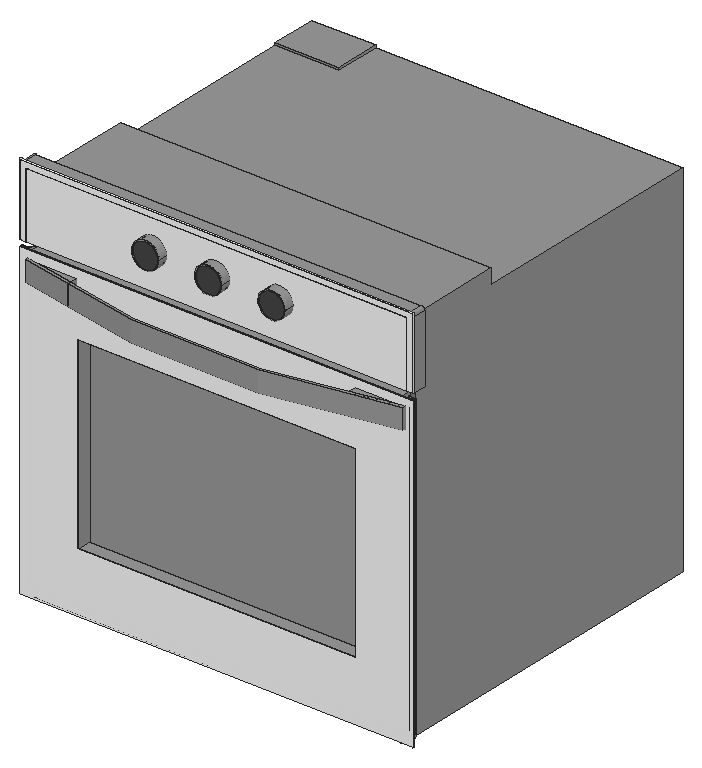
Revit family "HBB 510 B", category Specialty Equipment, Revit 2017 (continued)
Lines and regions (mm)
  Split face 204
    outline origin (0, 0, 0) x (1, 0, 0) y (0, 0, -1)
      loop
        line (76.033, -520.738) -> (76.033, -522.538) -> (75.233, -522.538) -> (76.033, -523.338)
  Split face 205
    outline origin (0, 0, 0) x (1, 0, 0) y (0, 0, -1)
      loop
        line (74.458, -520.738) -> (73.258, -520.738) -> (73.258, -523.338) -> (74.458, -523.338) -> (74.458, -520.738)
  Split face 206
    outline origin (0, 0, 0) x (1, 0, 0) y (0, 0, -1)
      loop
        line (73.258, -520.738) -> (74.158, -522.738) -> (73.258, -522.738)
  Split face 207
    outline origin (0, 0, 0) x (1, 0, 0) y (0, 0, -1)
      loop
        arc (73.258, -522.738) -> (73.858, -523.338) -> (74.458, -522.738) r 0.6
  Split face 208
    outline origin (0, 0, 0) x (1, 0, 0) y (0, 0, -1)
      loop
        line (74.458, -521.038) -> (73.658, -521.038) -> (74.458, -522.738)
  Split face 209
    outline origin (0, 0, 0) x (1, 0, 0) y (0, 0, -1)
      loop
        line (77.207, -521.338) -> (77.207, -522.738)
        arc (77.207, -522.738) -> (77.807, -523.338) -> (78.407, -522.738) r 0.6
        line (78.407, -522.738) -> (78.407, -521.338)
        arc (78.407, -521.338) -> (77.807, -520.738) -> (77.207, -521.338) r 0.6
  Split face 210
    outline origin (0, 0, 0) x (1, 0, 0) y (0, 0, -1)
      loop
        arc (77.507, -522.738) -> (77.807, -523.038) -> (78.107, -522.738) r 0.3
        line (78.107, -522.738) -> (78.107, -521.338)
        arc (78.107, -521.338) -> (77.807, -521.038) -> (77.507, -521.338) r 0.3
        line (77.507, -521.338) -> (77.507, -522.738)
  Split face 211
    outline origin (0, 0, 0) x (1, 0, 0) y (0, 0, -1)
      loop
        arc (137.187, -507.113) -> (136.487, -504.827) -> (135.787, -507.113) r 1.25
        line (135.787, -507.113) -> (135.787, -511.18)
        arc (135.787, -511.18) -> (136.487, -511.88) -> (137.187, -511.18) r 0.7
        line (137.187, -511.18) -> (137.187, -507.113)
  Split face 212
    outline origin (0, 0, 0) x (1, 0, 0) y (0, 0, -1)
      loop
        line (136.087, -506.873) -> (136.087, -508.273) -> (136.887, -508.273) -> (136.887, -506.873)
        arc (136.887, -506.873) -> (136.487, -505.218) -> (136.087, -506.873) r 0.875
  Split face 213
    outline origin (0, 0, 0) x (1, 0, 0) y (0, 0, -1)
      loop
        arc (136.087, -511.131) -> (136.487, -511.531) -> (136.887, -511.131) r 0.4
        line (136.887, -511.131) -> (136.887, -508.573) -> (136.087, -508.573) -> (136.087, -511.131)
  Split face 214
    outline origin (0, 0, 0) x (1, 0, 0) y (0, 0, -1)
      loop
        line (79.264, -523.691) -> (77.992, -524.963) -> (79.759, -526.731) -> (81.032, -525.458) -> (79.264, -523.691)
  Split face 215
    outline origin (0, 0, 0) x (1, 0, 0) y (0, 0, -1)
      loop
        line (78.699, -524.256) -> (80.466, -526.024)
  Split face 216
    outline origin (0, 0, 0) x (1, 0, 0) y (0, 0, -1)
      loop
        line (80.325, -526.165) -> (78.557, -524.398)
  Split face 217
    outline origin (0, 0, 0) x (1, 0, 0) y (0, 0, -1)
      loop
        line (76.65, -527.578) -> (75.65, -529.075) -> (77.209, -530.116) -> (78.21, -528.62) -> (76.65, -527.578)
  Split face 218
    outline origin (0, 0, 0) x (1, 0, 0) y (0, 0, -1)
      loop
        line (77.765, -529.285) -> (76.206, -528.243)
      loop
        line (77.654, -529.451) -> (76.095, -528.409)
  Split face 219
    outline origin (0, 0, 0) x (1, 0, 0) y (0, 0, -1)
      loop
        line (74.326, -531.553) -> (73.637, -533.216) -> (75.369, -533.934) -> (76.058, -532.271) -> (74.326, -531.553)
  Split face 220
    outline origin (0, 0, 0) x (1, 0, 0) y (0, 0, -1)
      loop
        line (75.675, -533.195) -> (73.943, -532.477)
      loop
        line (75.752, -533.01) -> (74.019, -532.293)
  Split face 221
    outline origin (0, 0, 0) x (1, 0, 0) y (0, 0, -1)
      loop
        line (72.821, -535.906) -> (72.47, -537.671) -> (74.309, -538.037) -> (74.66, -536.272) -> (72.821, -535.906)
  Split face 222
    outline origin (0, 0, 0) x (1, 0, 0) y (0, 0, -1)
      loop
        line (74.504, -537.056) -> (72.665, -536.691)
      loop
        line (74.465, -537.253) -> (72.626, -536.887)
  Split face 223
    outline origin (0, 0, 0) x (1, 0, 0) y (0, 0, -1)
      loop
        line (74.069, -540.469) -> (71.569, -540.469) -> (71.569, -542.269) -> (74.069, -542.269) -> (74.069, -540.469)
  Split face 224
    outline origin (0, 0, 0) x (1, 0, 0) y (0, 0, -1)
      loop
        line (74.069, -541.269) -> (71.569, -541.269)
      loop
        line (74.069, -541.469) -> (71.569, -541.469)
  Split face 225
    outline origin (0, 0, 0) x (1, 0, 0) y (0, 0, -1)
      loop
        line (65.533, -542.59) -> (65.533, -541.49) -> (65.533, -539.99) -> (64.333, -539.99) -> (64.333, -542.59) -> (65.533, -542.59)
  Split face 226
    outline origin (0, 0, 0) x (1, 0, 0) y (0, 0, -1)
      loop
        line (65.533, -541.49) -> (64.633, -541.49) -> (64.633, -542.29) -> (65.533, -542.29)
  Split face 227
    outline origin (0, 0, 0) x (1, 0, 0) y (0, 0, -1)
      loop
        line (64.333, -540.29) -> (65.233, -540.29) -> (65.233, -541.19) -> (64.333, -541.19)
  Split face 228
    outline origin (0, 0, 0) x (1, 0, 0) y (0, 0, -1)
      loop
        arc (66.178, -541.99) -> (66.778, -542.59) -> (67.378, -541.99) r 0.6
        line (67.378, -541.99) -> (67.378, -540.59)
        arc (67.378, -540.59) -> (66.778, -539.99) -> (66.178, -540.59) r 0.6
        line (66.178, -540.59) -> (66.178, -541.99)
  Split face 229
    outline origin (0, 0, 0) x (1, 0, 0) y (0, 0, -1)
      loop
        arc (66.478, -541.99) -> (66.778, -542.29) -> (67.078, -541.99) r 0.3
        line (67.078, -541.99) -> (67.078, -540.59)
        arc (67.078, -540.59) -> (66.778, -540.29) -> (66.478, -540.59) r 0.3
        line (66.478, -540.59) -> (66.478, -541.99)
  Split face 230
    outline origin (0, 0, 0) x (1, 0, 0) y (0, 0, -1)
      loop
        arc (-19.235, -561.085) -> (-18.985, -561.335) -> (-18.735, -561.085) r 0.25
        arc (-18.735, -561.085) -> (-18.435, -560.785) -> (-18.135, -561.085) r 0.3
        line (-18.135, -561.085) -> (-18.135, -564.115)
        arc (-18.135, -564.115) -> (-17.885, -564.365) -> (-17.635, -564.115) r 0.25
        line (-17.635, -564.115) -> (-17.635, -561.633)
        arc (-17.635, -561.633) -> (-17.335, -561.333) -> (-17.035, -561.633) r 0.3
        arc (-17.035, -561.633) -> (-16.785, -561.883) -> (-16.535, -561.633) r 0.25
        arc (-16.535, -561.633) -> (-16.235, -561.333) -> (-15.935, -561.633) r 0.3
        arc (-15.935, -561.633) -> (-15.685, -561.883) -> (-15.435, -561.633) r 0.25
        arc (-15.435, -561.633) -> (-15.135, -561.333) -> (-14.835, -561.633) r 0.3
        arc (-14.835, -561.633) -> (-14.585, -561.883) -> (-14.335, -561.633) r 0.25
        line (-14.335, -561.633) -> (-14.335, -559.554)
        arc (-14.335, -559.554) -> (-16.679, -557.248) -> (-19.235, -559.316) r 2.469
        line (-19.235, -559.316) -> (-19.235, -561.085)
  Split face 231
    outline origin (0, 0, 0) x (1, 0, 0) y (0, 0, -1)
      loop
        line (-2.241, -575.963) -> (-2.648, -576.669) -> (-1.977, -577.104) -> (-1.57, -576.399)
        arc (-1.57, -576.399) -> (-1.916, -576.198) -> (-2.241, -575.963) r 4.101
  Split face 232
    outline origin (0, 0, 0) x (1, 0, 0) y (0, 0, -1)
      loop
        line (-2.151, -577.004) -> (-1.746, -576.303)
  Split face 233
    outline origin (0, 0, 0) x (1, 0, 0) y (0, 0, -1)
      loop
        line (1.561, -576.385) -> (1.965, -577.085) -> (2.658, -576.685) -> (2.254, -575.985)
        arc (2.254, -575.985) -> (1.913, -576.194) -> (1.561, -576.385) r 7.61
  Split face 234
    outline origin (0, 0, 0) x (1, 0, 0) y (0, 0, -1)
      loop
        line (-0.1, -576.726) -> (-0.1, -577.798)
      loop
        line (0.1, -577.864) -> (0.1, -576.726)
  Split face 235
    outline origin (0, 0, 0) x (1, 0, 0) y (0, 0, -1)
      loop
        line (2.154, -577.012) -> (1.738, -576.292)
  Split face 236
    outline origin (0, 0, 0) x (1, 0, 0) y (0, 0, -1)
      loop
        line (133.671, -510.268) -> (133.671, -505.768) -> (117.671, -505.768) -> (117.671, -510.268) -> (133.671, -510.268)
  Split face 237
    outline origin (0, 0, 0) x (1, 0, 0) y (0, 0, -1)
      loop
        line (115.599, -522.213) -> (116.499, -522.213)
      loop
        line (116.499, -521.913) -> (115.599, -521.913)
  Split face 238
    outline origin (917.721, 0, 4005.545) x (1, 0, 0) y (0, 0, -1)
      loop
        circle (-926.629, 3943.28) r 2.5
  Split face 239
    outline origin (917.721, 0, 4005.545) x (1, 0, 0) y (0, 0, -1)
      loop
        line (-903.776, 3946.782) -> (-904.216, 3948.424) -> (-926.713, 3948.424) -> (-929.196, 3956.561) -> (-930.896, 3956.561) -> (-928.716, 3948.424) -> (-931.216, 3948.424) -> (-930.776, 3946.782) -> (-903.776, 3946.782)
  Split face 240
    outline origin (917.721, 0, 4005.545) x (1, 0, 0) y (0, 0, -1)
      loop
        line (-920.067, 3952.501) -> (-924.255, 3954.919) -> (-920.87, 3954.919) -> (-921.31, 3956.561) -> (-923.488, 3956.561)
        arc (-923.488, 3956.561) -> (-926.142, 3950.854) -> (-920.067, 3952.501) r 3.471
  Split face 241
    outline origin (917.721, 0, 4005.545) x (1, 0, 0) y (0, 0, -1)
      loop
        line (-921.867, 3952.154) -> (-925.108, 3954.025)
        arc (-925.108, 3954.025) -> (-924.423, 3951.47) -> (-921.867, 3952.154) r 1.871
  Split face 242
    outline origin (917.721, 0, 4005.545) x (1, 0, 0) y (0, 0, -1)
      loop
        line (-919.861, 3956.561) -> (-918.095, 3949.969) -> (-916.395, 3949.969) -> (-917.054, 3952.428) -> (-914.595, 3949.969) -> (-912.332, 3949.969) -> (-915.676, 3953.313) -> (-912.836, 3956.561) -> (-914.961, 3956.561) -> (-917.41, 3953.759) -> (-918.161, 3956.561) -> (-919.861, 3956.561)
  Split face 243
    outline origin (917.721, 0, 4005.545) x (1, 0, 0) y (0, 0, -1)
      loop
        line (-904.63, 3949.969) -> (-906.396, 3956.561) -> (-909.492, 3956.561)
        arc (-909.492, 3956.561) -> (-912.46, 3951.833) -> (-906.912, 3951.213) r 3.296
        line (-906.912, 3951.213) -> (-906.579, 3949.969) -> (-904.63, 3949.969)
  Split face 244
    outline origin (917.721, 0, 4005.545) x (1, 0, 0) y (0, 0, -1)
      loop
        arc (-909.292, 3955.065) -> (-910.518, 3951.948) -> (-907.496, 3953.393) r 1.8
        line (-907.496, 3953.393) -> (-907.944, 3955.065) -> (-909.292, 3955.065)
Dimensions and locks
  aligned and locked: level to plane 2
Connectors
  electrical at (-232.002, 494.5, 555.545)
    settings: on Extrusion 17, index 1, voltage 220 V, apparent load 0 VA, apparent load phase1 0 VA, apparent load phase2 0 VA, apparent load phase3 0 VA, power factor 1, load classification "Otro", number of poles 1, system type 30, power factor state 1, is connector primary yes, connector utility no, sub classification motor no, connector description ""
